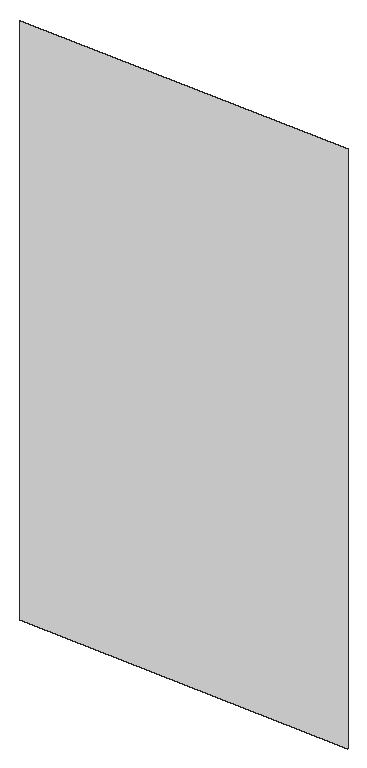
Revit family "M_Tomada-Extensão", category Iluminação elétrica, Revit 2019
Family settings
  Hospedeiro = Parede
  Manter orientação da anotação = Não
  Cota do conector redondo = Utilizar diâmetro
  Tipo de parte = Normal
  Número OmniClass = 23.80.50.11.11
  Título OmniClass = Receptacle Terminal Units
  ID de item do Seek = Outlet-Range-0000-CAN-ENU
  Sempre na vertical = Sim
  Corte com vazios quando carregada = Não
  Compartilhado = Não
  Ponto de cálculo do ambiente = Não
Parameters (values of type "Único")
  Largura = 70 mm
  Altura de montagem = 305 mm
  Legenda = "R"
  Altura = 115 mm
  Material = Plástico, Branco Opaco
Reference planes
  plane 1: y = 0
  plane 2 "Centro (Esquerda/Direita)": x = 125
  plane 3 "Parte posterior": y = 75
  plane 4: z = 305
  plane 5: x = 90
  plane 6: x = 160
  plane 7: z = 362.5
  plane 8: z = 247.5
  plane 9: y = 80
Forms (mm)
  Blend 1, solid, material "Plástico, Branco Opaco" <- "Material"
    base sketch origin (0, 75, 0) x (1, 0, 0) y (0, 0, 1)
      loop
        line (160, 362.5) -> (90, 362.5) -> (90, 247.5) -> (160, 247.5) -> (160, 362.5)
    top sketch origin (0, 75, 0) x (1, 0, 0) y (0, 0, 1)
      loop
        line (155, 357.5) -> (95, 357.5) -> (95, 252.5) -> (155, 252.5) -> (155, 357.5)
    from 0 to -5
Text (mm)
  text "Lado da colocação" at (0, 1270.507, 3001.832), in view "Esquerda"
  text "Lado da colocação" at (0, 530.812, 2999.686), in view "Direita"
Dimensions and locks
  locked: plane 3 "Parte posterior" to host wall
  "Altura": plane 8 to plane 7
  "Largura": plane 5 to plane 6
  equal spacing: plane 8, plane 4, plane 7
  equal spacing: plane 5, plane 2 "Centro (Esquerda/Direita)", plane 6
  "Altura de montagem": level to plane 4
  locked: plane 3 "Parte posterior" to plane 9 at 5
  aligned and locked: plane 1 to host wall
  aligned and locked: plane 6 to Blend 1 sketch curve
  aligned and locked: Blend 1 sketch curve to plane 7
  aligned and locked: plane 8 to Blend 1 sketch curve
  aligned and locked: plane 5 to Blend 1 sketch curve
  aligned and locked: plane 3 "Parte posterior" to nested 1
  aligned and locked: Blend 1 to plane 9
  aligned and locked: plane 3 "Parte posterior" to Blend 1
Automatic sketch dimensions
  Blend 1 sketch curve to plane 5 = 5 mm
  plane 6 to Blend 1 sketch curve = 5 mm
  Blend 1 sketch curve to plane 8 = 5 mm
  plane 7 to Blend 1 sketch curve = 5 mm
Nested families
  nested 1: "Faixa de anotação da tomada" at (125, 75, 0), type "Faixa de anotação da tomada"
Definition of nested family "Faixa de anotação da tomada"
  Parameters
    Legenda = "R"
  Reference planes
    plane 1: y = 0
    plane 2: x = 0
  Lines and regions (mm)
    detail lines
      curve 1: arc (-1.218, 2.706, 0) -> (1.219, 4.039, 0) -> (-1.218, 2.706, 0) r 1.389
      curve 2: line (-0.461, 0.398, 0) -> (-0.461, 4.684, 0)
      curve 3: line (0.461, 0.398, 0) -> (0.461, 4.684, 0)
      curve 4: line (0, 0.398, 0) -> (0, 4.762, 0)
  Text (mm)
    label "Legenda" at (2.068, 2.246, 0), shows "Legenda"
